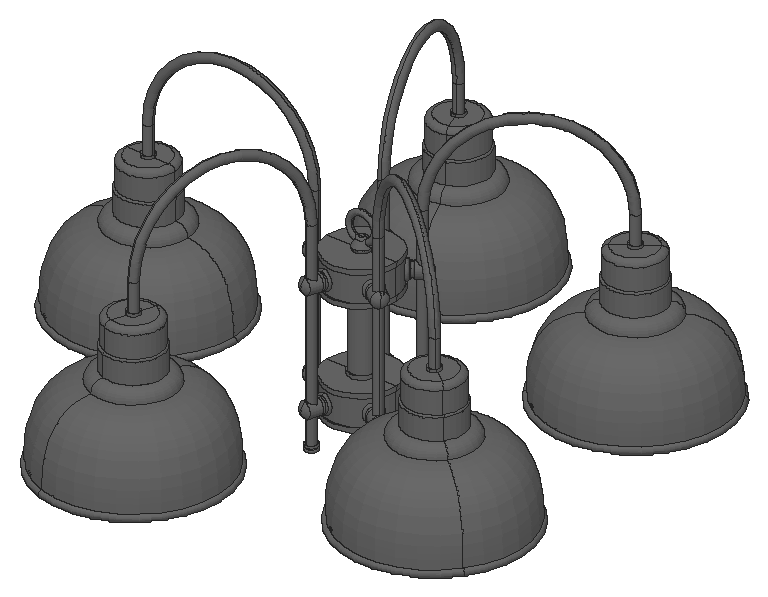
Revit family "SG58 FIXTURE", category Lighting Fixtures, Revit 2024
Family settings
  Round Connector Dimension = Use Diameter
  Part Type = Normal
  OmniClass Number = 23.80.70.00
  OmniClass Title = Lighting
  Work Plane-Based = No
  Always vertical = Yes
  Cut with Voids When Loaded = No
  Light Source = No
  Maintain Annotation Orientation = No
  Shared = No
  Room Calculation Point = No
Parameters
  Default Elevation = 0' - 0"
Reference planes (in)
  plane 1 "Light Source Axis (F/B)": y = 0
  plane 2: z = 0
  plane 3 "Light Source Axis (L/R)": x = 0
  plane 4 "Light Source Elevation": z = 54
Forms (in)
  Revolve 1, solid
    sketch origin (0, 0, 0) x (1, 0, 0) y (0, 0, 1)
      loop
        line (-1.5, 59.62901) -> (-1.5, 59.436) -> (-1.45425, 59.436) -> (-1.45425, 58.31651) -> (-1.5, 58.31651) -> (-1.5, 58.1235) -> (-0.53079, 58.1235) -> (-0.53079, 57.97874) -> (-0.48254, 57.97874) -> (-0.48254, 54.99665) -> (-0.53079, 54.99665) -> (-0.53079, 54.85189) -> (-1.5, 54.85189) -> (-1.5, 54.65888) -> (-1.45425, 54.65888) -> (-1.45425, 53.53939) -> (-1.5, 53.53939) -> (-1.5, 53.34638) -> (-0.14291, 53.34638)
        arc (-0.14291, 53.34638) -> (-0.22408, 53.08264) -> (0, 52.9216) r 0.23643
        line (0, 52.9216) -> (0, 59.62901) -> (0, 60.11155) -> (-0.12768, 60.11155)
        arc (-0.12768, 60.11155) -> (-0.18178, 60.09496) -> (-0.21728, 60.05089) r 0.09651
        line (-0.21728, 60.05089) -> (-0.37554, 59.72893)
        arc (-0.37554, 59.72893) -> (-0.37217, 59.6617) -> (-0.31332, 59.62901) r 0.06933
        line (-0.31332, 59.62901) -> (-1.5, 59.62901)
      axis (0, 52.9216) -> (0, 60.11155)
    angle from 0 to 360
  Sweep 2, solid
    path origin (0, 0, 0) x (1, 0, 0) y (0, 0, 1)
      loop
        arc (0.17905, 59.80632) -> (-0.00156, 61.1136) -> (-0.17605, 59.80549) r 0.6659
    profile origin (-0.00156, 0, 61.1136) x (0.002339, 0, -0.999997) y (0, -1, 0)
      loop
        circle (0.10943, 0) r 0.10985
  Revolve 3, solid
    sketch origin (0, 0, 0) x (1, 0, 0) y (0, 0, 1)
      loop
        line (-1.45425, 58.87626) -> (-1.45425, 59.20093)
        arc (-1.45425, 59.20093) -> (-1.51919, 59.26587) -> (-1.58412, 59.20093) r 0.06494
        line (-1.58412, 59.20093) -> (-1.64906, 59.20093)
        arc (-1.64906, 59.20093) -> (-1.71399, 59.136) -> (-1.77893, 59.20093) r 0.06494
        line (-1.77893, 59.20093) -> (-2.28318, 59.20093)
        arc (-2.28318, 59.20093) -> (-2.41111, 59.0605) -> (-2.45743, 58.87626) r 0.38961
        line (-2.45743, 58.87626) -> (-1.45425, 58.87626)
      axis (-1.45425, 58.87626) -> (-2.45743, 58.87626)
    angle from 0 to 360
  Revolve 4, solid
    sketch origin (0, 0, -4.77789) x (1, 0, 0) y (0, 0, 1)
      loop
        line (-1.45425, 58.87626) -> (-1.45425, 59.20093)
        arc (-1.45425, 59.20093) -> (-1.51919, 59.26587) -> (-1.58412, 59.20093) r 0.06494
        line (-1.58412, 59.20093) -> (-1.64906, 59.20093)
        arc (-1.64906, 59.20093) -> (-1.71399, 59.136) -> (-1.77893, 59.20093) r 0.06494
        line (-1.77893, 59.20093) -> (-2.28318, 59.20093)
        arc (-2.28318, 59.20093) -> (-2.41111, 59.0605) -> (-2.45743, 58.87626) r 0.38961
        line (-2.45743, 58.87626) -> (-1.45425, 58.87626)
      axis (-1.45425, 58.87626) -> (-2.45743, 58.87626)
    angle from 0 to 360
  Revolve 5, solid
    sketch origin (-1.25053, 0, 0) x (1, 0, 0) y (0, 0, 1)
      loop
        spline (-11.5338, 54.25604) -> (-11.53327, 54.62054) -> (-11.51765, 54.94785) -> (-11.49462, 55.20215) -> (-11.4387, 55.52355) -> (-11.34166, 55.86623) -> (-11.21238, 56.18469) -> (-11.05634, 56.4592) -> (-10.86408, 56.70149) -> (-10.63792, 56.91334) -> (-10.38044, 57.08433) -> (-10.00557, 57.22866) -> (-9.53349, 57.29425)
        arc (-9.53349, 57.29425) -> (-9.43019, 57.66173) -> (-9.0618, 57.76174) r 0.38694
        line (-9.0618, 57.76174) -> (-9.0618, 58.75549) -> (-8.98942, 58.82787) -> (-8.98942, 59.74949)
        arc (-8.98942, 59.74949) -> (-8.94621, 59.8538) -> (-8.8419, 59.897) r 0.14752
        line (-8.8419, 59.897) -> (-7.94921, 59.897) -> (-7.94921, 60.07761) -> (-8.2146, 60.07761) -> (-8.2146, 59.99075) -> (-8.8419, 59.99075)
        arc (-8.8419, 59.99075) -> (-9.0125, 59.92009) -> (-9.08317, 59.74949) r 0.24127
        line (-9.08317, 59.74949) -> (-9.08317, 58.83266)
        arc (-9.08317, 58.83266) -> (-9.13283, 58.80671) -> (-9.15555, 58.75549) r 0.085
        line (-9.15555, 58.75549) -> (-9.15555, 57.86758)
        arc (-9.15555, 57.86758) -> (-9.49691, 57.7276) -> (-9.63849, 57.3869) r 0.48069
        spline (-9.63849, 57.3869) -> (-10.117, 57.29295) -> (-10.47221, 57.14022) -> (-10.72912, 56.95719) -> (-10.95531, 56.73627) -> (-11.14643, 56.48532) -> (-11.30177, 56.20185) -> (-11.42964, 55.87717) -> (-11.5243, 55.53356) -> (-11.57801, 55.2147) -> (-11.60029, 54.96192) -> (-11.61586, 54.63792) -> (-11.61658, 54.2789)
        arc (-11.61658, 54.2789) -> (-11.64765, 54.00503) -> (-11.5338, 54.25604) r 0.13952
      axis (-7.94921, 60.07761) -> (-7.94921, 54.25604)
    angle from 0 to 360
  Revolve 6, solid, not visible
    sketch origin (0, 0, 0) x (1, 0, 0) y (0, 0, 1)
      loop
        line (-1.45425, 58.87626) -> (-1.45425, 59.20093)
        arc (-1.45425, 59.20093) -> (-1.51919, 59.26587) -> (-1.58412, 59.20093) r 0.06494
        line (-1.58412, 59.20093) -> (-1.64906, 59.20093)
        arc (-1.64906, 59.20093) -> (-1.71399, 59.136) -> (-1.77893, 59.20093) r 0.06494
        line (-1.77893, 59.20093) -> (-2.28318, 59.20093)
        arc (-2.28318, 59.20093) -> (-2.41111, 59.0605) -> (-2.45743, 58.87626) r 0.38961
        line (-2.45743, 58.87626) -> (-1.45425, 58.87626)
      axis (-1.45425, 58.87626) -> (-2.45743, 58.87626)
    angle from 0 to 360
  Revolve 7, solid, not visible
    sketch origin (0, 0, -4.77789) x (1, 0, 0) y (0, 0, 1)
      loop
        line (-1.45425, 58.87626) -> (-1.45425, 59.20093)
        arc (-1.45425, 59.20093) -> (-1.51919, 59.26587) -> (-1.58412, 59.20093) r 0.06494
        line (-1.58412, 59.20093) -> (-1.64906, 59.20093)
        arc (-1.64906, 59.20093) -> (-1.71399, 59.136) -> (-1.77893, 59.20093) r 0.06494
        line (-1.77893, 59.20093) -> (-2.28318, 59.20093)
        arc (-2.28318, 59.20093) -> (-2.41111, 59.0605) -> (-2.45743, 58.87626) r 0.38961
        line (-2.45743, 58.87626) -> (-1.45425, 58.87626)
      axis (-1.45425, 58.87626) -> (-2.45743, 58.87626)
    angle from 0 to 360
  Sweep 8, solid, not visible
    path origin (0, 0, 0) x (1, 0, 0) y (0, 0, 1)
      loop
        line (-2.03967, 52.74803) -> (-2.03967, 61.85943)
        arc (-2.03967, 61.85943) -> (-4.99444, 64.8142) -> (-7.94921, 61.85943) r 2.95477
        line (-7.94921, 61.85943) -> (-7.94921, 60.07761)
    profile origin (-2.03967, 0, 57.30373) x (-1, 0, 0) y (0, -1, 0)
      loop
        circle (0, 0) r 0.1875
  Revolve 9, solid, not visible
    sketch origin (0, 0, 0) x (1, 0, 0) y (0, 0, 1)
      loop
        spline (-11.5338, 54.25604) -> (-11.53327, 54.62054) -> (-11.51765, 54.94785) -> (-11.49462, 55.20215) -> (-11.4387, 55.52355) -> (-11.34166, 55.86623) -> (-11.21238, 56.18469) -> (-11.05634, 56.4592) -> (-10.86408, 56.70149) -> (-10.63792, 56.91334) -> (-10.38044, 57.08433) -> (-10.00557, 57.22866) -> (-9.53349, 57.29425)
        arc (-9.53349, 57.29425) -> (-9.43019, 57.66173) -> (-9.0618, 57.76174) r 0.38694
        line (-9.0618, 57.76174) -> (-9.0618, 58.75549) -> (-8.98942, 58.82787) -> (-8.98942, 59.74949)
        arc (-8.98942, 59.74949) -> (-8.94621, 59.8538) -> (-8.8419, 59.897) r 0.14752
        line (-8.8419, 59.897) -> (-7.94921, 59.897) -> (-7.94921, 60.07761) -> (-8.2146, 60.07761) -> (-8.2146, 59.99075) -> (-8.8419, 59.99075)
        arc (-8.8419, 59.99075) -> (-9.0125, 59.92009) -> (-9.08317, 59.74949) r 0.24127
        line (-9.08317, 59.74949) -> (-9.08317, 58.83266)
        arc (-9.08317, 58.83266) -> (-9.13283, 58.80671) -> (-9.15555, 58.75549) r 0.085
        line (-9.15555, 58.75549) -> (-9.15555, 57.86758)
        arc (-9.15555, 57.86758) -> (-9.49691, 57.7276) -> (-9.63849, 57.3869) r 0.48069
        spline (-9.63849, 57.3869) -> (-10.117, 57.29295) -> (-10.47221, 57.14022) -> (-10.72912, 56.95719) -> (-10.95531, 56.73627) -> (-11.14643, 56.48532) -> (-11.30177, 56.20185) -> (-11.42964, 55.87717) -> (-11.5243, 55.53356) -> (-11.57801, 55.2147) -> (-11.60029, 54.96192) -> (-11.61586, 54.63792) -> (-11.61658, 54.2789)
        arc (-11.61658, 54.2789) -> (-11.64765, 54.00503) -> (-11.5338, 54.25604) r 0.13952
      axis (-7.94921, 60.07761) -> (-7.94921, 54.25604)
    angle from 0 to 360
  Revolve 10, solid, not visible
    sketch origin (0, 0, 0) x (1, 0, 0) y (0, 0, 1)
      loop
        line (-2.03103, 52.74803) -> (-2.29162, 52.74803) -> (-2.29162, 52.68626) -> (-2.25302, 52.68626)
        arc (-2.25302, 52.68626) -> (-2.20187, 52.63512) -> (-2.25302, 52.58397) r 0.05115
        arc (-2.25302, 52.58397) -> (-2.29162, 52.54536) -> (-2.25302, 52.50676) r 0.0386
        line (-2.25302, 52.50676) -> (-2.03103, 52.50676) -> (-2.03103, 52.74803)
      axis (-2.03103, 52.74803) -> (-2.03103, 52.50676)
    angle from 0 to 360
  Sweep 11, solid
    path origin (0, 0, 0) x (1, 0, 0) y (0, 0, 1)
      loop
        line (-9.19974, 60.03422) -> (-9.19974, 61.23417)
        arc (-9.19974, 61.23417) -> (-5.6197, 64.8142) -> (-2.03967, 61.23417) r 3.58003
        line (-2.03967, 61.23417) -> (-2.03967, 52.74803)
    profile origin (-2.03967, 0, 56.9911) x (0, -1, 0) y (1, 0, 0)
      loop
        circle (0, 0) r 0.1875
  Revolve 12, solid
    sketch origin (0, 0, 0) x (1, 0, 0) y (0, 0, 1)
      loop
        line (-2.03103, 52.74803) -> (-2.29162, 52.74803) -> (-2.29162, 52.68626) -> (-2.25302, 52.68626)
        arc (-2.25302, 52.68626) -> (-2.20187, 52.63512) -> (-2.25302, 52.58397) r 0.05115
        arc (-2.25302, 52.58397) -> (-2.29162, 52.54536) -> (-2.25302, 52.50676) r 0.0386
        line (-2.25302, 52.50676) -> (-2.03103, 52.50676) -> (-2.03103, 52.74803)
      axis (-2.03103, 52.74803) -> (-2.03103, 52.50676)
    angle from 0 to 360
  Revolve 13, solid
    sketch origin (0, 0, 0) x (0.309017, -0.951057, 0) y (0, 0, 1)
      loop
        line (-1.45425, 58.87626) -> (-1.45425, 59.20093)
        arc (-1.45425, 59.20093) -> (-1.51919, 59.26587) -> (-1.58412, 59.20093) r 0.06494
        line (-1.58412, 59.20093) -> (-1.64906, 59.20093)
        arc (-1.64906, 59.20093) -> (-1.71399, 59.136) -> (-1.77893, 59.20093) r 0.06494
        line (-1.77893, 59.20093) -> (-2.28318, 59.20093)
        arc (-2.28318, 59.20093) -> (-2.41111, 59.0605) -> (-2.45743, 58.87626) r 0.38961
        line (-2.45743, 58.87626) -> (-1.45425, 58.87626)
      axis (-1.45425, 58.87626) -> (-2.45743, 58.87626)
    angle from 0 to 360
  Revolve 14, solid
    sketch origin (0, 0, -4.77789) x (0.309017, -0.951057, 0) y (0, 0, 1)
      loop
        line (-1.45425, 58.87626) -> (-1.45425, 59.20093)
        arc (-1.45425, 59.20093) -> (-1.51919, 59.26587) -> (-1.58412, 59.20093) r 0.06494
        line (-1.58412, 59.20093) -> (-1.64906, 59.20093)
        arc (-1.64906, 59.20093) -> (-1.71399, 59.136) -> (-1.77893, 59.20093) r 0.06494
        line (-1.77893, 59.20093) -> (-2.28318, 59.20093)
        arc (-2.28318, 59.20093) -> (-2.41111, 59.0605) -> (-2.45743, 58.87626) r 0.38961
        line (-2.45743, 58.87626) -> (-1.45425, 58.87626)
      axis (-1.45425, 58.87626) -> (-2.45743, 58.87626)
    angle from 0 to 360
  Revolve 15, solid
    sketch origin (-0.38643, 1.18932, 0) x (0.309017, -0.951057, 0) y (0, 0, 1)
      loop
        spline (-11.5338, 54.25604) -> (-11.53327, 54.62054) -> (-11.51765, 54.94785) -> (-11.49462, 55.20215) -> (-11.4387, 55.52355) -> (-11.34166, 55.86623) -> (-11.21238, 56.18469) -> (-11.05634, 56.4592) -> (-10.86408, 56.70149) -> (-10.63792, 56.91334) -> (-10.38044, 57.08433) -> (-10.00557, 57.22866) -> (-9.53349, 57.29425)
        arc (-9.53349, 57.29425) -> (-9.43019, 57.66173) -> (-9.0618, 57.76174) r 0.38694
        line (-9.0618, 57.76174) -> (-9.0618, 58.75549) -> (-8.98942, 58.82787) -> (-8.98942, 59.74949)
        arc (-8.98942, 59.74949) -> (-8.94621, 59.8538) -> (-8.8419, 59.897) r 0.14752
        line (-8.8419, 59.897) -> (-7.94921, 59.897) -> (-7.94921, 60.07761) -> (-8.2146, 60.07761) -> (-8.2146, 59.99075) -> (-8.8419, 59.99075)
        arc (-8.8419, 59.99075) -> (-9.0125, 59.92009) -> (-9.08317, 59.74949) r 0.24127
        line (-9.08317, 59.74949) -> (-9.08317, 58.83266)
        arc (-9.08317, 58.83266) -> (-9.13283, 58.80671) -> (-9.15555, 58.75549) r 0.085
        line (-9.15555, 58.75549) -> (-9.15555, 57.86758)
        arc (-9.15555, 57.86758) -> (-9.49691, 57.7276) -> (-9.63849, 57.3869) r 0.48069
        spline (-9.63849, 57.3869) -> (-10.117, 57.29295) -> (-10.47221, 57.14022) -> (-10.72912, 56.95719) -> (-10.95531, 56.73627) -> (-11.14643, 56.48532) -> (-11.30177, 56.20185) -> (-11.42964, 55.87717) -> (-11.5243, 55.53356) -> (-11.57801, 55.2147) -> (-11.60029, 54.96192) -> (-11.61586, 54.63792) -> (-11.61658, 54.2789)
        arc (-11.61658, 54.2789) -> (-11.64765, 54.00503) -> (-11.5338, 54.25604) r 0.13952
      axis (-7.94921, 60.07761) -> (-7.94921, 54.25604)
    angle from 0 to 360
  Sweep 16, solid
    path origin (0, 0, 0) x (0.309017, -0.951057, 0) y (0, 0, 1)
      loop
        line (-9.19974, 60.03422) -> (-9.19974, 61.23417)
        arc (-9.19974, 61.23417) -> (-5.6197, 64.8142) -> (-2.03967, 61.23417) r 3.58003
        line (-2.03967, 61.23417) -> (-2.03967, 52.74803)
    profile origin (-0.63029, 1.93984, 56.9911) x (-0.951057, -0.309017, 0) y (0.309017, -0.951057, 0)
      loop
        circle (0, 0) r 0.1875
  Revolve 17, solid
    sketch origin (0, 0, 0) x (0.309017, -0.951057, 0) y (0, 0, 1)
      loop
        line (-2.03103, 52.74803) -> (-2.29162, 52.74803) -> (-2.29162, 52.68626) -> (-2.25302, 52.68626)
        arc (-2.25302, 52.68626) -> (-2.20187, 52.63512) -> (-2.25302, 52.58397) r 0.05115
        arc (-2.25302, 52.58397) -> (-2.29162, 52.54536) -> (-2.25302, 52.50676) r 0.0386
        line (-2.25302, 52.50676) -> (-2.03103, 52.50676) -> (-2.03103, 52.74803)
      axis (-2.03103, 52.74803) -> (-2.03103, 52.50676)
    angle from 0 to 360
  Revolve 18, solid
    sketch origin (0, 0, 0) x (0.309017, 0.951057, 0) y (0, 0, 1)
      loop
        line (-1.45425, 58.87626) -> (-1.45425, 59.20093)
        arc (-1.45425, 59.20093) -> (-1.51919, 59.26587) -> (-1.58412, 59.20093) r 0.06494
        line (-1.58412, 59.20093) -> (-1.64906, 59.20093)
        arc (-1.64906, 59.20093) -> (-1.71399, 59.136) -> (-1.77893, 59.20093) r 0.06494
        line (-1.77893, 59.20093) -> (-2.28318, 59.20093)
        arc (-2.28318, 59.20093) -> (-2.41111, 59.0605) -> (-2.45743, 58.87626) r 0.38961
        line (-2.45743, 58.87626) -> (-1.45425, 58.87626)
      axis (-1.45425, 58.87626) -> (-2.45743, 58.87626)
    angle from 0 to 360
  Revolve 19, solid
    sketch origin (0, 0, -4.77789) x (0.309017, 0.951057, 0) y (0, 0, 1)
      loop
        line (-1.45425, 58.87626) -> (-1.45425, 59.20093)
        arc (-1.45425, 59.20093) -> (-1.51919, 59.26587) -> (-1.58412, 59.20093) r 0.06494
        line (-1.58412, 59.20093) -> (-1.64906, 59.20093)
        arc (-1.64906, 59.20093) -> (-1.71399, 59.136) -> (-1.77893, 59.20093) r 0.06494
        line (-1.77893, 59.20093) -> (-2.28318, 59.20093)
        arc (-2.28318, 59.20093) -> (-2.41111, 59.0605) -> (-2.45743, 58.87626) r 0.38961
        line (-2.45743, 58.87626) -> (-1.45425, 58.87626)
      axis (-1.45425, 58.87626) -> (-2.45743, 58.87626)
    angle from 0 to 360
  Revolve 20, solid
    sketch origin (-0.38643, -1.18932, 0) x (0.309017, 0.951057, 0) y (0, 0, 1)
      loop
        spline (-11.5338, 54.25604) -> (-11.53327, 54.62054) -> (-11.51765, 54.94785) -> (-11.49462, 55.20215) -> (-11.4387, 55.52355) -> (-11.34166, 55.86623) -> (-11.21238, 56.18469) -> (-11.05634, 56.4592) -> (-10.86408, 56.70149) -> (-10.63792, 56.91334) -> (-10.38044, 57.08433) -> (-10.00557, 57.22866) -> (-9.53349, 57.29425)
        arc (-9.53349, 57.29425) -> (-9.43019, 57.66173) -> (-9.0618, 57.76174) r 0.38694
        line (-9.0618, 57.76174) -> (-9.0618, 58.75549) -> (-8.98942, 58.82787) -> (-8.98942, 59.74949)
        arc (-8.98942, 59.74949) -> (-8.94621, 59.8538) -> (-8.8419, 59.897) r 0.14752
        line (-8.8419, 59.897) -> (-7.94921, 59.897) -> (-7.94921, 60.07761) -> (-8.2146, 60.07761) -> (-8.2146, 59.99075) -> (-8.8419, 59.99075)
        arc (-8.8419, 59.99075) -> (-9.0125, 59.92009) -> (-9.08317, 59.74949) r 0.24127
        line (-9.08317, 59.74949) -> (-9.08317, 58.83266)
        arc (-9.08317, 58.83266) -> (-9.13283, 58.80671) -> (-9.15555, 58.75549) r 0.085
        line (-9.15555, 58.75549) -> (-9.15555, 57.86758)
        arc (-9.15555, 57.86758) -> (-9.49691, 57.7276) -> (-9.63849, 57.3869) r 0.48069
        spline (-9.63849, 57.3869) -> (-10.117, 57.29295) -> (-10.47221, 57.14022) -> (-10.72912, 56.95719) -> (-10.95531, 56.73627) -> (-11.14643, 56.48532) -> (-11.30177, 56.20185) -> (-11.42964, 55.87717) -> (-11.5243, 55.53356) -> (-11.57801, 55.2147) -> (-11.60029, 54.96192) -> (-11.61586, 54.63792) -> (-11.61658, 54.2789)
        arc (-11.61658, 54.2789) -> (-11.64765, 54.00503) -> (-11.5338, 54.25604) r 0.13952
      axis (-7.94921, 60.07761) -> (-7.94921, 54.25604)
    angle from 0 to 360
  Sweep 21, solid
    path origin (0, 0, 0) x (0.309017, 0.951057, 0) y (0, 0, 1)
      loop
        line (-9.19974, 60.03422) -> (-9.19974, 61.23417)
        arc (-9.19974, 61.23417) -> (-5.6197, 64.8142) -> (-2.03967, 61.23417) r 3.58003
        line (-2.03967, 61.23417) -> (-2.03967, 52.74803)
    profile origin (-0.63029, -1.93984, 56.9911) x (0.951057, -0.309017, 0) y (0.309017, 0.951057, 0)
      loop
        circle (0, 0) r 0.1875
  Revolve 22, solid
    sketch origin (0, 0, 0) x (0.309017, 0.951057, 0) y (0, 0, 1)
      loop
        line (-2.03103, 52.74803) -> (-2.29162, 52.74803) -> (-2.29162, 52.68626) -> (-2.25302, 52.68626)
        arc (-2.25302, 52.68626) -> (-2.20187, 52.63512) -> (-2.25302, 52.58397) r 0.05115
        arc (-2.25302, 52.58397) -> (-2.29162, 52.54536) -> (-2.25302, 52.50676) r 0.0386
        line (-2.25302, 52.50676) -> (-2.03103, 52.50676) -> (-2.03103, 52.74803)
      axis (-2.03103, 52.74803) -> (-2.03103, 52.50676)
    angle from 0 to 360
  Revolve 23, solid
    sketch origin (0, 0, 0) x (-0.809017, 0.587785, 0) y (0, 0, 1)
      loop
        line (-1.45425, 58.87626) -> (-1.45425, 59.20093)
        arc (-1.45425, 59.20093) -> (-1.51919, 59.26587) -> (-1.58412, 59.20093) r 0.06494
        line (-1.58412, 59.20093) -> (-1.64906, 59.20093)
        arc (-1.64906, 59.20093) -> (-1.71399, 59.136) -> (-1.77893, 59.20093) r 0.06494
        line (-1.77893, 59.20093) -> (-2.28318, 59.20093)
        arc (-2.28318, 59.20093) -> (-2.41111, 59.0605) -> (-2.45743, 58.87626) r 0.38961
        line (-2.45743, 58.87626) -> (-1.45425, 58.87626)
      axis (-1.45425, 58.87626) -> (-2.45743, 58.87626)
    angle from 0 to 360
  Revolve 24, solid
    sketch origin (0, 0, -4.77789) x (-0.809017, 0.587785, 0) y (0, 0, 1)
      loop
        line (-1.45425, 58.87626) -> (-1.45425, 59.20093)
        arc (-1.45425, 59.20093) -> (-1.51919, 59.26587) -> (-1.58412, 59.20093) r 0.06494
        line (-1.58412, 59.20093) -> (-1.64906, 59.20093)
        arc (-1.64906, 59.20093) -> (-1.71399, 59.136) -> (-1.77893, 59.20093) r 0.06494
        line (-1.77893, 59.20093) -> (-2.28318, 59.20093)
        arc (-2.28318, 59.20093) -> (-2.41111, 59.0605) -> (-2.45743, 58.87626) r 0.38961
        line (-2.45743, 58.87626) -> (-1.45425, 58.87626)
      axis (-1.45425, 58.87626) -> (-2.45743, 58.87626)
    angle from 0 to 360
  Revolve 25, solid
    sketch origin (1.0117, -0.73504, 0) x (-0.809017, 0.587785, 0) y (0, 0, 1)
      loop
        spline (-11.5338, 54.25604) -> (-11.53327, 54.62054) -> (-11.51765, 54.94785) -> (-11.49462, 55.20215) -> (-11.4387, 55.52355) -> (-11.34166, 55.86623) -> (-11.21238, 56.18469) -> (-11.05634, 56.4592) -> (-10.86408, 56.70149) -> (-10.63792, 56.91334) -> (-10.38044, 57.08433) -> (-10.00557, 57.22866) -> (-9.53349, 57.29425)
        arc (-9.53349, 57.29425) -> (-9.43019, 57.66173) -> (-9.0618, 57.76174) r 0.38694
        line (-9.0618, 57.76174) -> (-9.0618, 58.75549) -> (-8.98942, 58.82787) -> (-8.98942, 59.74949)
        arc (-8.98942, 59.74949) -> (-8.94621, 59.8538) -> (-8.8419, 59.897) r 0.14752
        line (-8.8419, 59.897) -> (-7.94921, 59.897) -> (-7.94921, 60.07761) -> (-8.2146, 60.07761) -> (-8.2146, 59.99075) -> (-8.8419, 59.99075)
        arc (-8.8419, 59.99075) -> (-9.0125, 59.92009) -> (-9.08317, 59.74949) r 0.24127
        line (-9.08317, 59.74949) -> (-9.08317, 58.83266)
        arc (-9.08317, 58.83266) -> (-9.13283, 58.80671) -> (-9.15555, 58.75549) r 0.085
        line (-9.15555, 58.75549) -> (-9.15555, 57.86758)
        arc (-9.15555, 57.86758) -> (-9.49691, 57.7276) -> (-9.63849, 57.3869) r 0.48069
        spline (-9.63849, 57.3869) -> (-10.117, 57.29295) -> (-10.47221, 57.14022) -> (-10.72912, 56.95719) -> (-10.95531, 56.73627) -> (-11.14643, 56.48532) -> (-11.30177, 56.20185) -> (-11.42964, 55.87717) -> (-11.5243, 55.53356) -> (-11.57801, 55.2147) -> (-11.60029, 54.96192) -> (-11.61586, 54.63792) -> (-11.61658, 54.2789)
        arc (-11.61658, 54.2789) -> (-11.64765, 54.00503) -> (-11.5338, 54.25604) r 0.13952
      axis (-7.94921, 60.07761) -> (-7.94921, 54.25604)
    angle from 0 to 360
  Sweep 26, solid
    path origin (0, 0, 0) x (-0.809017, 0.587785, 0) y (0, 0, 1)
      loop
        line (-9.19974, 60.03422) -> (-9.19974, 61.23417)
        arc (-9.19974, 61.23417) -> (-5.6197, 64.8142) -> (-2.03967, 61.23417) r 3.58003
        line (-2.03967, 61.23417) -> (-2.03967, 52.74803)
    profile origin (1.65013, -1.19889, 56.9911) x (0.587785, 0.809017, 0) y (-0.809017, 0.587785, 0)
      loop
        circle (0, 0) r 0.1875
  Revolve 27, solid
    sketch origin (0, 0, 0) x (-0.809017, 0.587785, 0) y (0, 0, 1)
      loop
        line (-2.03103, 52.74803) -> (-2.29162, 52.74803) -> (-2.29162, 52.68626) -> (-2.25302, 52.68626)
        arc (-2.25302, 52.68626) -> (-2.20187, 52.63512) -> (-2.25302, 52.58397) r 0.05115
        arc (-2.25302, 52.58397) -> (-2.29162, 52.54536) -> (-2.25302, 52.50676) r 0.0386
        line (-2.25302, 52.50676) -> (-2.03103, 52.50676) -> (-2.03103, 52.74803)
      axis (-2.03103, 52.74803) -> (-2.03103, 52.50676)
    angle from 0 to 360
  Revolve 28, solid
    sketch origin (0, 0, 0) x (-0.809017, -0.587785, 0) y (0, 0, 1)
      loop
        line (-1.45425, 58.87626) -> (-1.45425, 59.20093)
        arc (-1.45425, 59.20093) -> (-1.51919, 59.26587) -> (-1.58412, 59.20093) r 0.06494
        line (-1.58412, 59.20093) -> (-1.64906, 59.20093)
        arc (-1.64906, 59.20093) -> (-1.71399, 59.136) -> (-1.77893, 59.20093) r 0.06494
        line (-1.77893, 59.20093) -> (-2.28318, 59.20093)
        arc (-2.28318, 59.20093) -> (-2.41111, 59.0605) -> (-2.45743, 58.87626) r 0.38961
        line (-2.45743, 58.87626) -> (-1.45425, 58.87626)
      axis (-1.45425, 58.87626) -> (-2.45743, 58.87626)
    angle from 0 to 360
  Revolve 29, solid
    sketch origin (0, 0, -4.77789) x (-0.809017, -0.587785, 0) y (0, 0, 1)
      loop
        line (-1.45425, 58.87626) -> (-1.45425, 59.20093)
        arc (-1.45425, 59.20093) -> (-1.51919, 59.26587) -> (-1.58412, 59.20093) r 0.06494
        line (-1.58412, 59.20093) -> (-1.64906, 59.20093)
        arc (-1.64906, 59.20093) -> (-1.71399, 59.136) -> (-1.77893, 59.20093) r 0.06494
        line (-1.77893, 59.20093) -> (-2.28318, 59.20093)
        arc (-2.28318, 59.20093) -> (-2.41111, 59.0605) -> (-2.45743, 58.87626) r 0.38961
        line (-2.45743, 58.87626) -> (-1.45425, 58.87626)
      axis (-1.45425, 58.87626) -> (-2.45743, 58.87626)
    angle from 0 to 360
  Revolve 30, solid
    sketch origin (1.0117, 0.73504, 0) x (-0.809017, -0.587785, 0) y (0, 0, 1)
      loop
        spline (-11.5338, 54.25604) -> (-11.53327, 54.62054) -> (-11.51765, 54.94785) -> (-11.49462, 55.20215) -> (-11.4387, 55.52355) -> (-11.34166, 55.86623) -> (-11.21238, 56.18469) -> (-11.05634, 56.4592) -> (-10.86408, 56.70149) -> (-10.63792, 56.91334) -> (-10.38044, 57.08433) -> (-10.00557, 57.22866) -> (-9.53349, 57.29425)
        arc (-9.53349, 57.29425) -> (-9.43019, 57.66173) -> (-9.0618, 57.76174) r 0.38694
        line (-9.0618, 57.76174) -> (-9.0618, 58.75549) -> (-8.98942, 58.82787) -> (-8.98942, 59.74949)
        arc (-8.98942, 59.74949) -> (-8.94621, 59.8538) -> (-8.8419, 59.897) r 0.14752
        line (-8.8419, 59.897) -> (-7.94921, 59.897) -> (-7.94921, 60.07761) -> (-8.2146, 60.07761) -> (-8.2146, 59.99075) -> (-8.8419, 59.99075)
        arc (-8.8419, 59.99075) -> (-9.0125, 59.92009) -> (-9.08317, 59.74949) r 0.24127
        line (-9.08317, 59.74949) -> (-9.08317, 58.83266)
        arc (-9.08317, 58.83266) -> (-9.13283, 58.80671) -> (-9.15555, 58.75549) r 0.085
        line (-9.15555, 58.75549) -> (-9.15555, 57.86758)
        arc (-9.15555, 57.86758) -> (-9.49691, 57.7276) -> (-9.63849, 57.3869) r 0.48069
        spline (-9.63849, 57.3869) -> (-10.117, 57.29295) -> (-10.47221, 57.14022) -> (-10.72912, 56.95719) -> (-10.95531, 56.73627) -> (-11.14643, 56.48532) -> (-11.30177, 56.20185) -> (-11.42964, 55.87717) -> (-11.5243, 55.53356) -> (-11.57801, 55.2147) -> (-11.60029, 54.96192) -> (-11.61586, 54.63792) -> (-11.61658, 54.2789)
        arc (-11.61658, 54.2789) -> (-11.64765, 54.00503) -> (-11.5338, 54.25604) r 0.13952
      axis (-7.94921, 60.07761) -> (-7.94921, 54.25604)
    angle from 0 to 360
  Sweep 31, solid
    path origin (0, 0, 0) x (-0.809017, -0.587785, 0) y (0, 0, 1)
      loop
        line (-9.19974, 60.03422) -> (-9.19974, 61.23417)
        arc (-9.19974, 61.23417) -> (-5.6197, 64.8142) -> (-2.03967, 61.23417) r 3.58003
        line (-2.03967, 61.23417) -> (-2.03967, 52.74803)
    profile origin (1.65013, 1.19889, 56.9911) x (-0.587785, 0.809017, 0) y (-0.809017, -0.587785, 0)
      loop
        circle (0, 0) r 0.1875
  Revolve 32, solid
    sketch origin (0, 0, 0) x (-0.809017, -0.587785, 0) y (0, 0, 1)
      loop
        line (-2.03103, 52.74803) -> (-2.29162, 52.74803) -> (-2.29162, 52.68626) -> (-2.25302, 52.68626)
        arc (-2.25302, 52.68626) -> (-2.20187, 52.63512) -> (-2.25302, 52.58397) r 0.05115
        arc (-2.25302, 52.58397) -> (-2.29162, 52.54536) -> (-2.25302, 52.50676) r 0.0386
        line (-2.25302, 52.50676) -> (-2.03103, 52.50676) -> (-2.03103, 52.74803)
      axis (-2.03103, 52.74803) -> (-2.03103, 52.50676)
    angle from 0 to 360
Dimensions and locks (in)
  aligned and locked: level to plane 2
